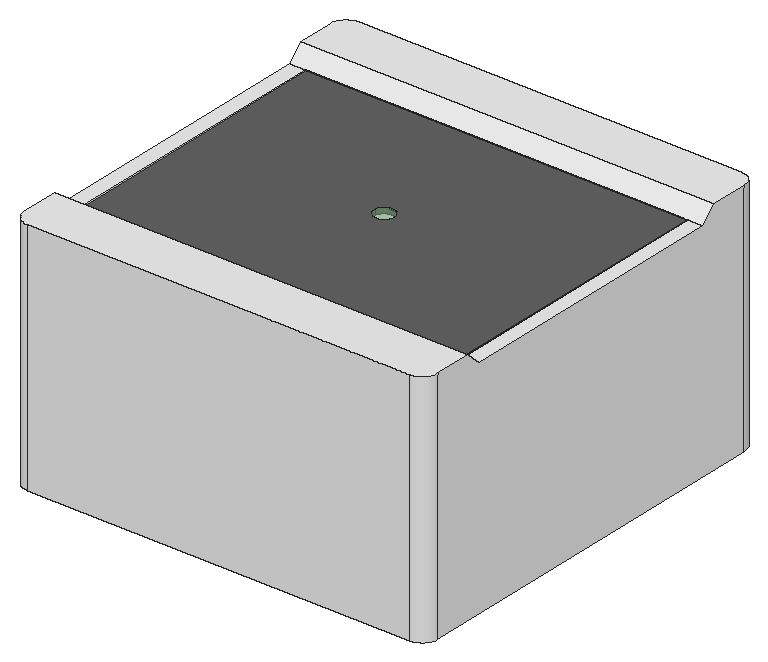
Revit family "Long Range Receiver_WRR-22_Farpointe_R17", category Security Devices, host Face, Revit 2017
Family settings
  Host = Face
  Maintain Annotation Orientation = No
  Round Connector Dimension = Use Diameter
  Part Type = Normal
  Cut with Voids When Loaded = No
  Shared = No
  Room Calculation Point = No
Parameters
  Width = 3.3"
  White Plastic [instance] = White Plastic
  URL - Quick Start Guides [instance] = "http://farpointedata.com/downloads/qsg_and_ref/WRR22_RangerReceiver_QSG.pdf"
  URL - Mounting Guides Letter Size [instance] = "N/A"
  URL - Mounting Guides A4 Size [instance] = "N/A"
  URL - Data Sheets [instance] = "http://farpointedata.com/downloads/datasheets/WRR22_TDS.pdf"
  URL - Bid Specifications [instance] = "http://farpointedata.com/downloads/bid_specs/Farpointe_Ranger_Specification.docx"
  URL = "http://www.farpointedata.com/"
  Modeled By [instance] = "www.commensestudio.com"
  Model = "WRR-22 Ranger Long-Range Receiver"  # constant formula
  Manufacturer = "Farpointe Data"  # constant formula
  LED [instance] = LED
  Height = 3.3"
  Description = "Two Channel"  # constant formula
  Depth = 1.9"
  Default Elevation = 48"
  Black Plastic [instance] = Black Plastic
Reference planes (in)
  plane 1 "Center (Front/Back)": y = 0
  plane 2: z = 0
  plane 3 "Center (Left/Right)": x = 0
  plane 4: x = -1.65
  plane 5: x = 1.65
  plane 6: y = 1.65
  plane 7: y = -1.65
  plane 8: z = 1.9
Forms (in)
  Extrusion 1, solid, material "White Plastic" <- "White Plastic"
    sketch origin (0, 0, 0) x (1, 0, 0) y (0, 1, 0)
      loop
        arc (-1.525, 1.65) -> (-1.61339, 1.61339) -> (-1.65, 1.525) r 0.125
        line (-1.65, 1.525) -> (-1.65, -1.525)
        arc (-1.65, -1.525) -> (-1.61339, -1.61339) -> (-1.525, -1.65) r 0.125
        line (-1.525, -1.65) -> (1.525, -1.65)
        arc (1.525, -1.65) -> (1.61339, -1.61339) -> (1.65, -1.525) r 0.125
        line (1.65, -1.525) -> (1.65, 1.525)
        arc (1.65, 1.525) -> (1.61339, 1.61339) -> (1.525, 1.65) r 0.125
        line (1.525, 1.65) -> (-1.525, 1.65)
    from 0 to 1.9
  Extrusion 2, void
    sketch origin (0, 0, 0) x (0, 1, 0) y (0, 0, 1)
      loop
        line (-1.22641, 1.9) -> (-1.11922, 1.79281) -> (1.11922, 1.79281) -> (1.22641, 1.9) -> (-1.22641, 1.9)
    from -1.65 to 1.65
  Extrusion 3, void
    sketch origin (0, 0, 0) x (1, 0, 0) y (0, 1, 0)
      loop
        circle (0, 0) r 0.07968
    from 1.75 to 1.9
  Extrusion 4, void
    sketch origin (0, 0, 0) x (1, 0, 0) y (0, 1, 0)
      loop
        line (-1.525, 1.11922) -> (-1.525, -1.11922) -> (1.525, -1.11922) -> (1.525, 1.11922) -> (-1.525, 1.11922)
    from 1.75 to 1.79281
  Extrusion 5, solid, material "Black Plastic" <- "Black Plastic"
    sketch origin (0, 0, 0) x (1, 0, 0) y (0, 1, 0)
      loop
        line (-1.525, 1.11922) -> (-1.525, -1.11922) -> (1.525, -1.11922) -> (1.525, 1.11922) -> (-1.525, 1.11922)
      loop
        circle (0, 0) r 0.07968
    from 1.75 to 1.79
  Extrusion 6, solid, material "LED" <- "LED"
    sketch origin (0, 0, 0) x (1, 0, 0) y (0, 1, 0)
      loop
        circle (0, 0) r 0.07968
    from 1.75 to 1.79
Cuts and joins
  Extrusion 2, Extrusion 3, Extrusion 4 cuts Extrusion 1
Dimensions and locks (in)
  equal spacing: plane 7, plane 1 "Center (Front/Back)", plane 6
  equal spacing: plane 4, plane 3 "Center (Left/Right)", plane 5
  "Height": plane 7 to plane 6
  "Width": plane 4 to plane 5
  "Depth": plane 8 to level
  aligned and locked: plane 2 to host face
  aligned and locked: level to host face
  aligned and locked: plane 8 to Extrusion 1
Automatic sketch dimensions
  host sketch curve to host sketch curve = 96"  (x2)
  plane 7 to Extrusion 1 sketch curve = 0"
  plane 6 to Extrusion 1 sketch curve = 0"
  Extrusion 1 sketch curve to plane 5 = 0"
  plane 4 to Extrusion 1 sketch curve = 0.125"  (x2)
  Extrusion 1 sketch curve to plane 5 = 0.125"  (x2)
  Extrusion 1 sketch curve to plane 4 = 0"
  Extrusion 2 sketch curve to plane 8 = 0"
  Extrusion 2 sketch curve to plane 8 = 0.10719"
  Extrusion 2 sketch curve to plane 7 = 0.53078"
  Extrusion 2 sketch curve to Extrusion 2 sketch curve = 0.10719"  (x2)
  plane 6 to Extrusion 2 sketch curve = 0.53078"
  plane 1 "Center (Front/Back)" to Extrusion 3 sketch curve = 0"
  Extrusion 3 sketch curve to plane 3 "Center (Left/Right)" = 0"
  plane 4 to Extrusion 4 sketch curve = 0.125"
  Extrusion 4 sketch curve to plane 5 = 0.125"
  Extrusion 4 sketch curve to plane 7 = 0.53078"
  plane 6 to Extrusion 4 sketch curve = 0.53078"
  plane 1 "Center (Front/Back)" to Extrusion 5 sketch curve = 0"
  Extrusion 5 sketch curve to plane 3 "Center (Left/Right)" = 0"
  plane 4 to Extrusion 5 sketch curve = 0.125"
  Extrusion 5 sketch curve to plane 5 = 0.125"
  Extrusion 5 sketch curve to plane 7 = 0.53078"
  plane 6 to Extrusion 5 sketch curve = 0.53078"
  plane 1 "Center (Front/Back)" to Extrusion 6 sketch curve = 0"
  Extrusion 6 sketch curve to plane 3 "Center (Left/Right)" = 0"
  radius of Extrusion 3 sketch curve = 0.07968"
  radius of Extrusion 5 sketch curve = 0.07968"
  radius of Extrusion 6 sketch curve = 0.07968"
Connectors (in)
  electrical at (0, 0, 0)
    settings: index 1, voltage 0 V, apparent load 0 VA, apparent load phase1 0 VA, apparent load phase2 0 VA, apparent load phase3 0 VA, power factor 1, load classification "Other", number of poles 1, system type 10, power factor state 1, is connector primary yes, connector utility no, sub classification motor no, connector description ""
